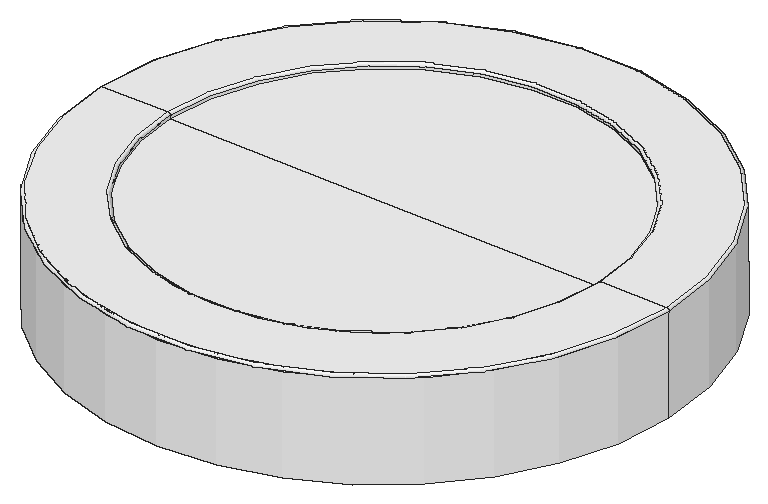
Revit family "0053318 Feilo Sylvania Lighting Fixture SYLFLAT SURFACE DIM 1600 R 3000K", category Lighting Fixtures, host Face, Revit 2016
Family settings
  Host = Face
  Part Type = Normal
  Round Connector Dimension = Use Diameter
  OmniClass Number = 23.80.70.00
  OmniClass Title = Lighting
  Cut with Voids When Loaded = No
  Light Source = Yes
  Shared = No
  Room Calculation Point = No
Parameters (values of type "0053318 SYLFLAT SURFACE DIM 1600 R 3000K")
  Width_FEILO = 226 mm
  WidthDiffuser_FEILO = if(Square_FEILO, 168 mm, Width_FEILO / 1.3294)  # 170 mm
  Weight = "6.92 kg"
  Wattage Comments = ""
  Wattage = 18 W
  WarrantyStartDate [instance] = "n/a"
  WarrantyGuarantorParts = "n/a"
  WarrantyDurationUnit = "n/a"
  WarrantyDurationParts = "n/a"
  WarrantyDescription = "n/a"
  built-in parameter 1150110 = 1 (stored number, unit not read)
  Voltage = 230 V
  URL = "http://www.feilosylvania.com"
  TypeName = "SYLFLAT SURFACE DIM 1600 R 3000K"
  Type Image = <None>
  Type Comments = "n/a"
  built-in parameter 1114217 = 1 (stored number, unit not read)
  Tilt Angle = -90.00°
  built-in parameter 1150109 = 1 (stored number, unit not read)
  built-in parameter 1150134 = (empty or 0)
  built-in parameter 1150113 = 1 (stored number, unit not read)
  Square_FEILO = no
  SerialNumber [instance] = "n/a"
  Round_FEILO = not(Square_FEILO)  # yes
  RadiusSquare_FEILO = 10 mm
  RadiusDiffuser_FEILO = 7 mm
  Photometric Web File = "0053318.ies"
  Material_3_FEILO = none
  PowerFactor = 0.9
  PowerConsumption = "18 W"
  NominalLength = 226 mm
  NominalHeight = 39 mm
  NominalDepth = 226 mm
  Name = "SYLFLAT SURFACE DIM 1600 R 3000K"
  ModelReference = Name  # "SYLFLAT SURFACE DIM 1600 R 3000K"
  ModelNumber = "0053318"
  Model = Name  # "SYLFLAT SURFACE DIM 1600 R 3000K"
  Material = "aluminium housing, polystyrene diffuser"
  ManufacturerName = "Feilo Sylvania"
  Manufacturer = "Feilo Sylvania"
  LuminousEfficacy = "90 lm/W"
  built-in parameter 1150105 = 580.3 (stored number, unit not read)
  Lumens = 1620 lm
  LuminaireType = ""
  built-in parameter 1150115 = 1 (stored number, unit not read)
  LightOutputRatio = "n/a"
  built-in parameter 1150137 = (empty or 0)
  built-in parameter 1150139 = (empty or 0)
  LampsType = Lamp  # "LED"
  LampNominalLuminous = "1150 lm"
  LampMacAdamStep = "n/a"
  LampColourTemperature = "3000 K"
  LampColourRenderingIndex = "80"
  built-in parameter 1150112 = 1 (stored number, unit not read)
  built-in parameter 1150114 = 1 (stored number, unit not read)
  Lamp = "LED"
  Keynote = "16500"
  InstallationDate [instance] = "n/a"
  InputVoltage = "220-240V~"
  InputNominalFrequency = "50/60 Hz"
  built-in parameter 1150132 = (empty or 0)
  built-in parameter 1150102 = (empty or 0)
  built-in parameter 1150107 = 3000 (stored number, unit not read)
  built-in parameter 1150138 = (empty or 0)
  IngressProtection = "IP20"
  ImpactProtectionIndex = "IK06"
  built-in parameter 1150106 = 5.803 (stored number, unit not read)
  IfcExportType = "IfcLightFixtureType"
  IfcExportAs = "IfcLightFixtureType"
  ExpectedLife = 50000
  Emit from Circle Diameter = WidthDiffuser_FEILO  # 170 mm
  Emit Shape Visible in Rendering = no
  ElectricShockClassification = "Class II"
  built-in parameter 1150104 = 8.3613 (stored number, unit not read)
  DurationUnit = "hours"
  DocumentationLiterature = "http://www.feilosylvania.com/product/en-int/products/0053318"
  DimmingControlOptions = "Dimmable"
  Material_2_FEILO = LED-Sylvania-SylflatSurface
  Dimming Lamp Color Temperature Shift = <None>
  Description = "Integrated LED surface mounted downlight providing 1620 fixture lumens at a wattage of 18W giving a high efficacy of 90lm/W. Fitting includes Leading/Trailing edge phase dimmable driver and has a round outer dimmension of of 226x226x39mm with an IP20 and IK02 rating providing uniform distribution with an Opal diffuser and 110° beam angle. Provided including a Loop in Loop out box and built with a white aluminium housing."
  Default Elevation = 1219.2 mm
  CreatedOn = "2/15/2018"
  CreatedBy = "aron.fodor@feilosylvania.com"
  Cost = 0
  Color Filter = 16777215
  built-in parameter 1114216 [instance] = (empty or 0)
  ClassificationValue = "EF_70_80"
  ClassificationName = "Uniclass2015"
  Material_1_FEILO = Body-Sylvania-SylflatSurface-White
  BarCode [instance] = "n/a"
  built-in parameter 1114218 = 1 (stored number, unit not read)
  built-in parameter 1150133 = 10 (stored number, unit not read)
  AssetType = "Fixed"
  AssetIdentifier [instance] = "n/a"
  Assembly Code = "D5020200"
  Apparent Load = 18 VA
  Material_4_FEILO = none
Reference planes
  plane 1 "Center (Front/Back)": y = 0
  plane 2: z = 0
  plane 3 "Center (Left/Right)": x = 0
  plane 4: x = 113
  plane 5: x = -113
  plane 6: y = 113
  plane 7: y = -113
  plane 8: x = -103
  plane 9: y = 103
  plane 10: x = 103
  plane 11: y = -103
  plane 12: y = 85
  plane 13: y = -85
  plane 14: x = 85
  plane 15: x = -85
  plane 16: x = -78
  plane 17: y = 78
  plane 18: x = 78
  plane 19: y = -78
  plane 20: z = 39
  plane 21: x = -112
  plane 22: z = 38
  plane 23: z = 37
  plane 24: x = -86
Forms (mm)
  Revolve 1, solid, material "Body-Sylvania-SylflatSurface-White" <- "Material_1_FEILO", visible <- "Round_FEILO"
    sketch origin (0, 0, 0) x (1, 0, 0) y (0, 0, 1)
      loop
        line (0, 0) -> (0, 37) -> (-85, 37) -> (-85, 38)
        arc (-85, 38) -> (-85.293, 38.707) -> (-86, 39) r 1
        line (-86, 39) -> (-112, 39)
        arc (-112, 39) -> (-112.707, 38.707) -> (-113, 38) r 1
        line (-113, 38) -> (-113, 0) -> (0, 0)
      axis (0, 39) -> (0, 0)
    angle from 360 to 0
  Extrusion 2, solid, material "Body-Sylvania-SylflatSurface-White" <- "Material_1_FEILO", visible <- "Square_FEILO"
    sketch origin (0, 0, 0) x (1, 0, 0) y (0, 1, 0)
      loop
        arc (-113, -103) -> (-110.071, -110.071) -> (-103, -113) r 10
        line (-103, -113) -> (103, -113)
        arc (103, -113) -> (110.071, -110.071) -> (113, -103) r 10
        line (113, -103) -> (113, 103)
        arc (113, 103) -> (110.071, 110.071) -> (103, 113) r 10
        line (103, 113) -> (-103, 113)
        arc (-103, 113) -> (-110.071, 110.071) -> (-113, 103) r 10
        line (-113, 103) -> (-113, -103)
      loop
        arc (-78, 85) -> (-82.95, 82.95) -> (-85, 78) r 7
        line (-85, 78) -> (-85, -78)
        arc (-85, -78) -> (-82.95, -82.95) -> (-78, -85) r 7
        line (-78, -85) -> (78, -85)
        arc (78, -85) -> (82.95, -82.95) -> (85, -78) r 7
        line (85, -78) -> (85, 78)
        arc (85, 78) -> (82.95, 82.95) -> (78, 85) r 7
        line (78, 85) -> (-78, 85)
    from 0 to 39
  Extrusion 3, solid, material "Body-Sylvania-SylflatSurface-White" <- "Material_1_FEILO", visible <- "Square_FEILO"
    sketch origin (0, 0, 0) x (1, 0, 0) y (0, 1, 0)
      loop
        arc (-78, 85) -> (-82.95, 82.95) -> (-85, 78) r 7
        line (-85, 78) -> (-85, -78)
        arc (-85, -78) -> (-82.95, -82.95) -> (-78, -85) r 7
        line (-78, -85) -> (78, -85)
        arc (78, -85) -> (82.95, -82.95) -> (85, -78) r 7
        line (85, -78) -> (85, 78)
        arc (85, 78) -> (82.95, 82.95) -> (78, 85) r 7
        line (78, 85) -> (-78, 85)
    from 0 to 37
Cuts and joins
  joined: Extrusion 2, Extrusion 3
Dimensions and locks
  equal spacing: plane 5, plane 3 "Center (Left/Right)", plane 4
  equal spacing: plane 7, plane 1 "Center (Front/Back)", plane 6
  "Width_FEILO": plane 7 to plane 6
  "Width_FEILO": plane 5 to plane 4
  equal spacing: plane 11, plane 1 "Center (Front/Back)", plane 9
  "RadiusSquare_FEILO": plane 9 to plane 6
  equal spacing: plane 8, plane 3 "Center (Left/Right)", plane 10
  "RadiusSquare_FEILO": plane 5 to plane 8
  equal spacing: plane 15, plane 3 "Center (Left/Right)", plane 14
  equal spacing: plane 13, plane 1 "Center (Front/Back)", plane 12
  "WidthDiffuser_FEILO": plane 13 to plane 12
  "WidthDiffuser_FEILO": plane 15 to plane 14
  equal spacing: plane 16, plane 3 "Center (Left/Right)", plane 18
  equal spacing: plane 19, plane 1 "Center (Front/Back)", plane 17
  "RadiusDiffuser_FEILO": plane 17 to plane 12
  "RadiusDiffuser_FEILO": plane 15 to plane 16
  locked: plane 20 to plane 2 at 39
  locked: plane 20 to plane 22 at 1
  locked: plane 21 to plane 5 at 1
  locked: plane 20 to plane 23 at 2
  locked: plane 15 to plane 24 at 1
  aligned and locked: plane 2 to host face
  aligned and locked: level to host face
  aligned and locked: Revolve 1 sketch curve to plane 3 "Center (Left/Right)"
  aligned and locked: Revolve 1 sketch curve to Revolve 1 sketch curve
  aligned and locked: Revolve 1 sketch curve to plane 20
  aligned and locked: Revolve 1 sketch curve to plane 5
  aligned and locked: Revolve 1 sketch curve to level
  aligned and locked: plane 23 to Revolve 1 sketch curve
  aligned and locked: plane 21 to Revolve 1 sketch curve
  aligned and locked: plane 20 to Revolve 1 sketch curve
  aligned and locked: plane 22 to Revolve 1 sketch curve  (x2)
  aligned and locked: plane 15 to Revolve 1 sketch curve
  aligned and locked: plane 24 to Revolve 1 sketch curve
  aligned and locked: plane 11 to Extrusion 2 sketch curve  (x3)
  aligned and locked: plane 5 to Extrusion 2 sketch curve  (x2)
  aligned and locked: plane 8 to Extrusion 2 sketch curve  (x4)
  aligned and locked: plane 7 to Extrusion 2 sketch curve
  aligned and locked: plane 4 to Extrusion 2 sketch curve  (x2)
  aligned and locked: plane 10 to Extrusion 2 sketch curve  (x4)
  aligned and locked: Extrusion 2 sketch curve to plane 6
  aligned and locked: plane 9 to Extrusion 2 sketch curve  (x3)
  aligned and locked: Extrusion 2 to level
  aligned and locked: Extrusion 2 to plane 20
  aligned and locked: plane 16 to Extrusion 2 sketch curve  (x3)
  aligned and locked: plane 12 to Extrusion 2 sketch curve  (x2)
  aligned and locked: plane 14 to Extrusion 2 sketch curve
  aligned and locked: plane 15 to Extrusion 2 sketch curve
  aligned and locked: plane 18 to Extrusion 2 sketch curve  (x4)
  aligned and locked: plane 17 to Extrusion 2 sketch curve  (x4)
  aligned and locked: plane 19 to Extrusion 2 sketch curve  (x4)
  aligned and locked: plane 13 to Extrusion 2 sketch curve
  aligned and locked: Extrusion 3 sketch curve to Extrusion 2  (x4)
  aligned and locked: Extrusion 3 to level
  aligned and locked: Extrusion 3 to plane 23
  aligned and locked: plane 3 "Center (Left/Right)" to imposter light
  aligned and locked: imposter light to plane 1 "Center (Front/Back)"
  aligned and locked: imposter light to plane 23
Automatic sketch dimensions
  host sketch curve to host sketch curve = 2438.4 mm  (x2)
  Revolve 1 sketch curve to plane 3 "Center (Left/Right)" = 0 mm
  Revolve 1 sketch curve to level = 609.6 mm
  Revolve 1 sketch curve to plane 20 = 2570.058 mm
Connectors
  electrical at (0, 0, 0), driven by "Apparent Load", driven by "PowerFactor", driven by "Voltage"
    settings: index 1, voltage 230 V, apparent load 18 VA, apparent load phase1 0 VA, apparent load phase2 0 VA, apparent load phase3 0 VA, power factor 0.9, load classification "Lighting", number of poles 1, system type 30, power factor state 1, is connector primary yes, connector utility no, sub classification motor no, connector description ""
